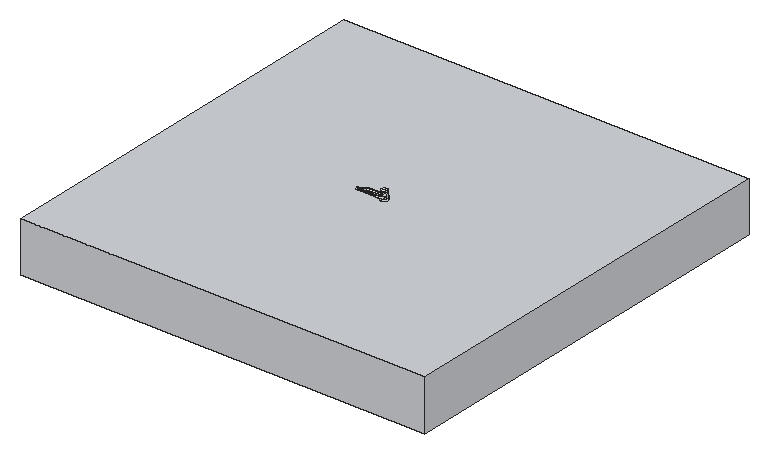
Revit family "Toilet_Paper_Holder-Grohe-Allure-40279000xxx", category Specialty Equipment, host Face, Revit 2014
Parameters (values of type "40279000")
  Width = 3 19/32"
  URL = "https://www.grohe.us"
  Type Comments = ""
  Product Page URL = "https://www.grohe.us/en_us/grohe-allure-toilet-paper-holder-40279000.html"
  Price = "Prices may vary. Please consult Manufacturer Representative for most up-to-date price list."  # constant formula
  Model = "40279000"
  Material = "Metal-Grohe-000-Chrome"
  Manufacturer = "Grohe"
  Length = 6 3/16"
  Installation Type = "Wall Mounted"
  Height = 6"
  Finish = Metal-Grohe-000-Chrome
  Description = "Allure Toilet Paper Holder"  # constant formula
  Default Elevation = 16"  # constant formula
  Creation Date = "08/02/2017"  # constant formula
  Assembly Code = "C1030200"
Reference planes (in)
  plane 1 "Center (Front/Back)": y = 0
  plane 2: z = 0
  plane 3 "Center (Left/Right)": x = 0
  plane 4: z = 3.58203
  plane 5: through (0, -4.97127, 3.30937) normal (0, -0.4226, -0.9063)
  plane 6: y = 0.90551
  plane 7: y = -5.07886
  plane 8: x = -3.09055
  plane 9: x = 3.09055
Forms (in)
  Extrusion 1, solid
    sketch origin (0, 0, 0) x (1, 0, 0) y (0, 1, 0)
      loop
        line (-48, 48) -> (-48, -48) -> (48, -48) -> (48, 48) -> (-48, 48)
    from 0 to -12
  Revolve 2, solid, material "Metal-Grohe-000-Chrome" <- "Finish"
    sketch origin (0, 0, 0) x (1, 0, 0) y (0, 0, 1)
      loop
        line (-0.70866, 1.78431) -> (-0.70866, 1.66942) -> (-0.67613, 1.66942) -> (-0.67613, 1.63766) -> (-0.70866, 1.63766) -> (-0.70866, 0.27559) -> (-0.90551, 0.27559) -> (-0.90551, 0) -> (0, 0) -> (0, 1.81102)
        arc (0, 1.81102) -> (-0.34418, 1.80952) -> (-0.68833, 1.80501) r 39.37008
        arc (-0.68833, 1.80501) -> (-0.70273, 1.79882) -> (-0.70866, 1.78431) r 0.0207
      axis (0, 1.81102) -> (0, 0)
    angle from 0 to 360
  Extrusion 3, solid, material "Metal-Grohe-000-Chrome" <- "Finish"
    sketch origin (0, -1.00239, 0.17231) x (1, 0, 0) y (0, 0.906308, -0.422618)
      loop
        line (0.32677, -0.51508) -> (-0.32647, -0.51508) -> (-0.32647, -0.84363)
        arc (-0.32647, -0.84363) -> (-0.33656, -0.86801) -> (-0.36094, -0.8781) r 0.03447
        line (-0.36094, -0.8781) -> (-2.06111, -0.8781)
        arc (-2.06111, -0.8781) -> (-2.78903, -1.17962) -> (-3.09055, -1.90755) r 1.02945
        line (-3.09055, -1.90755) -> (-3.09055, -3.99975)
        arc (-3.09055, -3.99975) -> (-2.77908, -4.7517) -> (-2.02714, -5.06317) r 1.06342
        line (-2.02714, -5.06317) -> (2.03228, -5.06317)
        arc (2.03228, -5.06317) -> (2.78059, -4.75321) -> (3.09055, -4.0049) r 1.05827
        line (3.09055, -4.0049) -> (3.09055, -3.79248)
        arc (3.09055, -3.79248) -> (3.07302, -3.75015) -> (3.03068, -3.73262) r 0.05987
        line (3.03068, -3.73262) -> (2.5221, -3.73262)
        arc (2.5221, -3.73262) -> (2.47863, -3.75062) -> (2.46063, -3.79408) r 0.06147
        line (2.46063, -3.79408) -> (2.46063, -3.95956)
        arc (2.46063, -3.95956) -> (2.32853, -4.27847) -> (2.00963, -4.41056) r 0.451
        line (2.00963, -4.41056) -> (-2.00553, -4.41056)
        arc (-2.00553, -4.41056) -> (-2.32733, -4.27727) -> (-2.46063, -3.95546) r 0.4551
        line (-2.46063, -3.95546) -> (-2.46063, -1.97509)
        arc (-2.46063, -1.97509) -> (-2.33047, -1.66086) -> (-2.01624, -1.53071) r 0.44439
        line (-2.01624, -1.53071) -> (0.26574, -1.53071)
        arc (0.26574, -1.53071) -> (0.3089, -1.51283) -> (0.32677, -1.46968) r 0.06103
        line (0.32677, -1.46968) -> (0.32677, -1.3945) -> (0.32677, -0.88068) -> (0.32677, -0.81912) -> (0.32677, -0.51508)
    from 1.16582 to 1.40204
  Extrusion 4, solid, material "Metal-Grohe-000-Chrome" <- "Finish"
    sketch origin (0, 0, 0) x (0, 1, 0) y (0, 0, 1)
      loop
        line (-0.97652, 1.44658) -> (-0.93825, 1.42874)
        arc (-0.93825, 1.42874) -> (-0.90446, 1.41727) -> (-0.86899, 1.41339) r 0.16388
        line (-0.86899, 1.41339) -> (-0.37439, 1.41339) -> (-0.37439, 1.63789) -> (-0.811, 1.63789)
        arc (-0.811, 1.63789) -> (-0.82743, 1.63969) -> (-0.84308, 1.645) r 0.07591
        line (-0.84308, 1.645) -> (-0.87669, 1.66067) -> (-0.97652, 1.44658)
    from -0.32677 to 0.32677
Cuts and joins
  joined: Revolve 2, Extrusion 3, Extrusion 4
Lines and regions (in)
  Masking region 1
    outline origin (0, 0, 0) x (1, 0, 0) y (0, 0, 1)
      loop
        line (-2.00553, 3.09289) -> (2.00963, 3.09289)
        spline (2.00963, 3.09289) -> (2.06849, 3.09125) -> (2.12635, 3.08639) -> (2.18222, 3.07838) -> (2.23513, 3.06735) -> (2.28418, 3.0535) -> (2.32853, 3.03706) -> (2.36743, 3.01831) -> (2.40021, 2.99758) -> (2.4263, 2.97522) -> (2.44526, 2.95161) -> (2.45677, 2.92716) -> (2.46063, 2.90228)
        line (2.46063, 2.90228) -> (2.46063, 2.83235)
        spline (2.46063, 2.83235) -> (2.46116, 2.82896) -> (2.46272, 2.82563) -> (2.46531, 2.82241) -> (2.46887, 2.81936) -> (2.47333, 2.81654) -> (2.47863, 2.81398) -> (2.48468, 2.81174) -> (2.49136, 2.80985) -> (2.49858, 2.80835) -> (2.50619, 2.80726) -> (2.51408, 2.80659) -> (2.5221, 2.80637)
        line (2.5221, 2.80637) -> (3.03068, 2.80637)
        spline (3.03068, 2.80637) -> (3.0385, 2.80659) -> (3.04618, 2.80723) -> (3.05359, 2.8083) -> (3.06062, 2.80976) -> (3.06713, 2.8116) -> (3.07302, 2.81378) -> (3.07818, 2.81627) -> (3.08253, 2.81902) -> (3.08599, 2.82199) -> (3.08851, 2.82513) -> (3.09004, 2.82837) -> (3.09055, 2.83167)
        line (3.09055, 2.83167) -> (3.09055, 3.13553)
        spline (3.09055, 3.13553) -> (3.0815, 3.19391) -> (3.05449, 3.25129) -> (3.01, 3.30669) -> (2.94877, 3.35915) -> (2.87186, 3.4078) -> (2.78059, 3.45178) -> (2.67652, 3.49035) -> (2.56142, 3.52286) -> (2.43727, 3.54873) -> (2.30618, 3.56754) -> (2.17042, 3.57895) -> (2.03228, 3.58278)
        line (2.03228, 3.58278) -> (-2.02714, 3.58278)
        spline (-2.02714, 3.58278) -> (-2.16594, 3.57893) -> (-2.30237, 3.56746) -> (-2.43409, 3.54857) -> (-2.55884, 3.52257) -> (-2.6745, 3.48991) -> (-2.77908, 3.45114) -> (-2.8708, 3.40695) -> (-2.94808, 3.35807) -> (-3.0096, 3.30534) -> (-3.05432, 3.24968) -> (-3.08145, 3.19202) -> (-3.09055, 3.13336)
        line (-3.09055, 3.13336) -> (-3.09055, 2.03507)
        spline (-3.09055, 2.03507) -> (-3.08174, 1.97828) -> (-3.05547, 1.92246) -> (-3.01219, 1.86857) -> (-2.95263, 1.81753) -> (-2.87782, 1.77022) -> (-2.78903, 1.72743) -> (-2.68779, 1.68991) -> (-2.57583, 1.65829) -> (-2.45506, 1.63312) -> (-2.32755, 1.61483) -> (-2.19548, 1.60373) -> (-2.06111, 1.6)
        line (-2.06111, 1.6) -> (-0.70866, 1.6) -> (-0.70866, 0.27559) -> (-0.90551, 0.27559) -> (-0.90551, 0) -> (0.90551, 0) -> (0.90551, 0.27559) -> (0.70866, 0.27559) -> (0.70866, 1.63789) -> (0.67613, 1.63789) -> (0.67613, 1.66942) -> (0.70866, 1.66942) -> (0.70866, 1.78491)
        arc (0.70866, 1.78491) -> (0.70296, 1.79886) -> (0.68912, 1.80482) r 0.01992
        arc (0.68912, 1.80482) -> (0.50795, 1.80778) -> (0.32677, 1.80978) r 34.51196
        line (0.32677, 1.80978) -> (0.32677, 2.0641)
        spline (0.32677, 2.0641) -> (0.32625, 2.06747) -> (0.32469, 2.07078) -> (0.32213, 2.07397) -> (0.3186, 2.077) -> (0.31416, 2.0798) -> (0.3089, 2.08234) -> (0.30289, 2.08456) -> (0.29626, 2.08644) -> (0.2891, 2.08793) -> (0.28154, 2.08902) -> (0.27371, 2.08967) -> (0.26574, 2.08989)
        line (0.26574, 2.08989) -> (-2.01624, 2.08989)
        spline (-2.01624, 2.08989) -> (-2.07425, 2.0915) -> (-2.13126, 2.09629) -> (-2.1863, 2.10419) -> (-2.23844, 2.11506) -> (-2.28677, 2.1287) -> (-2.33047, 2.1449) -> (-2.3688, 2.16337) -> (-2.40109, 2.1838) -> (-2.4268, 2.20583) -> (-2.44549, 2.22909) -> (-2.45683, 2.25319) -> (-2.46063, 2.2777)
        line (-2.46063, 2.2777) -> (-2.46063, 2.90055)
        spline (-2.46063, 2.90055) -> (-2.45674, 2.92566) -> (-2.44512, 2.95033) -> (-2.42599, 2.97415) -> (-2.39966, 2.99672) -> (-2.36658, 3.01764) -> (-2.32733, 3.03655) -> (-2.28258, 3.05314) -> (-2.23308, 3.06712) -> (-2.17969, 3.07824) -> (-2.12332, 3.08633) -> (-2.06493, 3.09124) -> (-2.00553, 3.09289)
  symbolic lines, detail levels medium+fine
    curve 1: line (0.70866, 0, 0.27559) -> (-0.70866, 0, 0.27559)
    curve 2: line (-0.70866, 0, 1.63789) -> (-0.70866, 0, 1.6)
    curve 3: line (-0.70866, 0, 1.63789) -> (-0.67613, 0, 1.63789)
    curve 4: line (-0.67613, 0, 1.63789) -> (-0.67613, 0, 1.66942)
    curve 5: line (-0.67613, 0, 1.66942) -> (-0.70866, 0, 1.66942)
    curve 6: line (-0.70866, 0, 1.66942) -> (-0.70866, 0, 1.78558)
    curve 7: arc (-0.69059, 0, 1.80395) -> (-0.70339, 0, 1.79846) -> (-0.70866, 0, 1.78558) r 0.01838
    curve 8: line (0.32677, 0, 1.80978) -> (0, 0, 1.81548)
    curve 9: line (0, 0, 1.81548) -> (-0.69059, 0, 1.80395)
  symbolic lines, detail levels fine
    curve 10: line (-0.67613, 0, 1.65366) -> (0.67613, 0, 1.65366)
    curve 11: line (3.03068, 0, 3.02046) -> (2.5221, 0, 3.02046)
    curve 12: spline (2.5221, 0, 3.02046) -> (2.51408, 0, 3.02068) -> (2.50619, 0, 3.02135) -> (2.49858, 0, 3.02244) -> (2.49136, 0, 3.02394) -> (2.48468, 0, 3.02583) -> (2.47863, 0, 3.02807) -> (2.47333, 0, 3.03062) -> (2.46887, 0, 3.03345) -> (2.46531, 0, 3.0365) -> (2.46272, 0, 3.03972) -> (2.46116, 0, 3.04305) -> (2.46063, 0, 3.04644)
    curve 13: line (2.46063, 0, 3.11637) -> (2.46063, 0, 2.83235)
    curve 14: spline (3.09055, 0, 3.04576) -> (3.09004, 0, 3.04246) -> (3.08851, 0, 3.03921) -> (3.08599, 0, 3.03608) -> (3.08253, 0, 3.03311) -> (3.07818, 0, 3.03036) -> (3.07302, 0, 3.02787) -> (3.06713, 0, 3.02569) -> (3.06062, 0, 3.02385) -> (3.05359, 0, 3.02239) -> (3.04618, 0, 3.02132) -> (3.0385, 0, 3.02068) -> (3.03068, 0, 3.02046)
    curve 15: spline (2.46063, 0, 3.11637) -> (2.45677, 0, 3.14125) -> (2.44526, 0, 3.1657) -> (2.4263, 0, 3.18931) -> (2.40021, 0, 3.21167) -> (2.36743, 0, 3.2324) -> (2.32853, 0, 3.25115) -> (2.28418, 0, 3.26759) -> (2.23513, 0, 3.28144) -> (2.18222, 0, 3.29246) -> (2.12635, 0, 3.30048) -> (2.06849, 0, 3.30534) -> (2.00963, 0, 3.30697)
    curve 16: line (2.00963, 0, 3.30697) -> (-2.00553, 0, 3.30697)
    curve 17: spline (-2.00553, 0, 3.30697) -> (-2.06493, 0, 3.30533) -> (-2.12332, 0, 3.30042) -> (-2.17969, 0, 3.29233) -> (-2.23308, 0, 3.28121) -> (-2.28258, 0, 3.26723) -> (-2.32733, 0, 3.25064) -> (-2.36658, 0, 3.23173) -> (-2.39966, 0, 3.21081) -> (-2.42599, 0, 3.18824) -> (-2.44512, 0, 3.16442) -> (-2.45674, 0, 3.13974) -> (-2.46063, 0, 3.11464)
    curve 18: spline (-2.06111, 0, 1.81409) -> (-2.19548, 0, 1.81781) -> (-2.32755, 0, 1.82892) -> (-2.45506, 0, 1.84721) -> (-2.57583, 0, 1.87238) -> (-2.68779, 0, 1.904) -> (-2.78903, 0, 1.94152) -> (-2.87782, 0, 1.98431) -> (-2.95263, 0, 2.03162) -> (-3.01219, 0, 2.08266) -> (-3.05547, 0, 2.13655) -> (-3.08174, 0, 2.19237) -> (-3.09055, 0, 2.24915)
    curve 19: line (-0.36094, 0, 1.81409) -> (-2.06111, 0, 1.81409)
    curve 20: line (-2.46063, 0, 2.90055) -> (-2.46063, 0, 3.11464)
Dimensions and locks (in)
  plane 9 to plane 8 = 6.1811"
  plane 8 to plane 9 = 6.1811"
  plane 6 to plane 7 = 5 63/64"
  plane 4 to level = 3 149/256"
  aligned and locked: plane 2 to Extrusion 1
  aligned and locked: level to Extrusion 1
